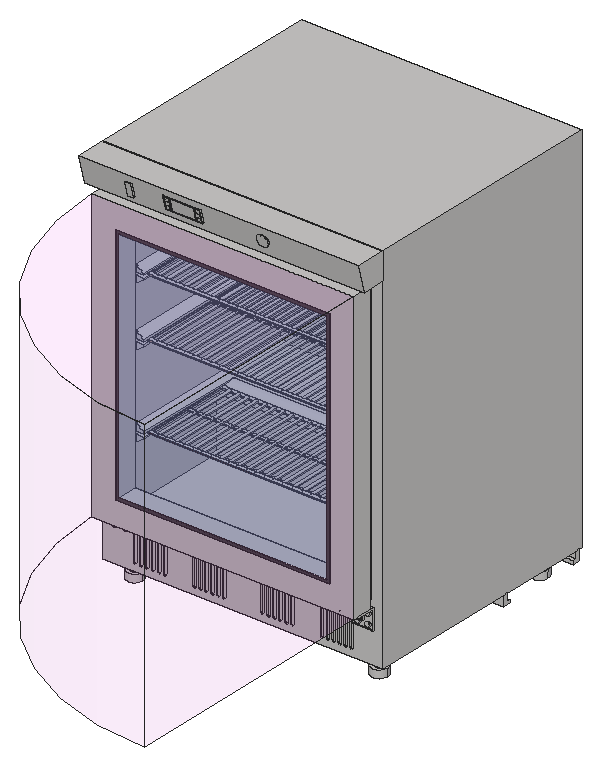
Revit family "QF_Kelvinator_738325_KCHUCGD23R", category Specialty Equipment, Revit 2021
Family settings
  Round Connector Dimension = Use Diameter
  Part Type = Normal
  Work Plane-Based = No
  Always vertical = Yes
  Cut with Voids When Loaded = No
  Shared = No
  Room Calculation Point = No
Parameters
  Weight in Pounds = 105.822
  Weight = 48.00 lbm
  Watts = 0 W
  Volts = 115 V
  URL Manufacturer = "KELVINATOR"
  URL Cutsheet = ""
  URL = "KELVINATOR"
  Specification by User = ""
  Specification by Manufacturer = ""
  Serial Number = ""
  Seismic Rating = ""
  SMACNA No = ""
  Revision Code = ""
  Refrigerant Type = "R600a"
  Phase = 1
  Number of Poles = 1
  NAFEM Spec ID Number = ""
  Model = "KCHUCGD23R"
  Min Ckt Ampacity = 0 A
  Max Overcurrent Protection = 0 A
  Masterspec = ""
  Manufacturer = "Kelvinator"
  Length Actual = 600"
  Length = 23 5/8"
  Item Number = "738325"
  Installed By = ""
  Identify Quantity as Lot = yes
  Height Actual = 839"
  Height = 33 1/16"
  HP = "0.3 HP"
  Gas KW = 0
  Furnished By = ""
  Foodservice Equipment Identifier = yes
  FL Amps = 2 A
  Electrical Remarks = ""
  Electric Connection Type = ""
  Elec Conn RI Height = 0"
  Elec Conn Connection Height = 0"
  Description = "1-GLASS DOOR ADA HEIGHT UNDER COUNTER REFRIGERATOR 24\" LONG"
  Depth Actual = 595"
  Depth = 23 7/16"
  Default Elevation = 0"
  Cycle = 60 Hz
  Conn Plug = "5-15P"
  Conn Conduit = yes
  CSI MasterFormat = ""
  Apparent Power = 0 VA
  Accessory = no
Reference planes (in)
  plane 1 "BACK": y = 0
  plane 2: z = 0
  plane 3 "LEFT": x = 0
  plane 4 "RIGHT": x = 23.625
  plane 5 "FRONT": y = -23.4375
  plane 6 "TOP": z = 33.0625
  plane 7 "Center Y": x = 11.8125
  plane 8 "Center X": y = -11.71875
Dimensions and locks (in)
  equal spacing: plane 3 "LEFT", plane 7 "Center Y", plane 4 "RIGHT"
  "Length": plane 3 "LEFT" to plane 4 "RIGHT"
  equal spacing: plane 5 "FRONT", plane 8 "Center X", plane 1 "BACK"
  "Depth": plane 5 "FRONT" to plane 1 "BACK"
  "Height": plane 6 "TOP" to level
  aligned and locked: level to plane 2
Nested families (in)
  nested 1: "KCHRI25R1DRE" at (0, 0, 0), type "KCHRI25R1DRE"
    with Show Clearance yes
Connectors (in)
  electrical at (11.8125, 0.13, 2.5), driven by "Volts", driven by "Watts"
    settings: on nested 1, index 1, voltage 115 V, apparent load 0 VA, apparent load phase1 0 VA, apparent load phase2 0 VA, apparent load phase3 0 VA, power factor 1, load classification "Other", number of poles 1, system type 30, power factor state 1, is connector primary yes, connector utility no, sub classification motor no, connector description ""
Definition of nested family "KCHRI25R1DRE"
  Parameters (values of type "KCHRI25R1DRE")
    Weight in Pounds = 0
    URL Cutsheet = ""
    Specification by User = ""
    Specification by Manufacturer = ""
    Show Clearance [instance] = yes
    Serial Number = ""
    Seismic Rating = ""
    SMACNA No = ""
    Revision Code = ""
    NAFEM Spec ID Number = ""
    Masterspec = ""
    Length = 23 5/8"
    Item Number = ""
    Installed By = ""
    Identify Quantity as Lot = yes
    Height = 33 1/16"
    Furnished By = ""
    Foodservice Equipment Identifier = yes
    Depth = 23 7/16"
    Default Elevation = 0"
    CSI MasterFormat = ""
  Reference planes (in)
    plane 1 "BACK": y = 0
    plane 2: z = 0
    plane 3 "LEFT": x = 0
    plane 4 "RIGHT": x = 23.625
    plane 5 "FRONT": y = -23.4375
    plane 6 "TOP": z = 33.0625
    plane 7 "Center Y": x = 11.8125
    plane 8 "Center X": y = -11.71875
    plane 9: y = -45.07
    plane 10: z = 30.79125
    plane 11: z = 2
    plane 12: y = -20.9
    plane 13: through (0, -24.0379, 35.3373) normal (0, 0.9659, 0.2588)
  Forms (in)
    Extrusion 1, solid
      sketch origin (0, 0, 0) x (0, 1, 0) y (0, 0, 1)
        loop
          line (-20.9, 33.0625) -> (-20.9, 1.5) -> (0, 1.5) -> (0, 33.0625) -> (-20.9, 33.0625)
      from 0 to 23.625
    Extrusion 2, solid
      sketch origin (0, -24.06217, 35.42785) x (0, -0.258819, 0.965926) y (1, 0, 0)
        loop
          line (-3.01321, 6.99749) -> (-3.01321, 10.1471) -> (-4.19431, 10.1471) -> (-4.19431, 6.99749) -> (-3.01321, 6.99749)
        loop
          line (-3.08986, 7.07623) -> (-3.08986, 7.46993) -> (-3.409, 7.46993) -> (-3.409, 7.07623) -> (-3.08986, 7.07623)
        loop
          line (-3.44419, 7.07623) -> (-3.44419, 7.46993) -> (-3.76333, 7.46993) -> (-3.76333, 7.07623) -> (-3.44419, 7.07623)
        loop
          line (-3.79852, 7.07623) -> (-3.79852, 7.46993) -> (-4.11766, 7.46993) -> (-4.11766, 7.07623) -> (-3.79852, 7.07623)
        loop
          line (-3.08986, 10.06836) -> (-3.409, 10.06836) -> (-3.409, 9.67466) -> (-3.08986, 9.67466) -> (-3.08986, 10.06836)
        loop
          line (-3.44419, 10.06836) -> (-3.76333, 10.06836) -> (-3.76333, 9.67466) -> (-3.44419, 9.67466) -> (-3.44419, 10.06836)
        loop
          line (-3.79852, 10.06836) -> (-4.11766, 10.06836) -> (-4.11766, 9.67466) -> (-3.79852, 9.67466) -> (-3.79852, 10.06836)
        loop
          line (-3.08986, 7.54742) -> (-3.08986, 9.59717) -> (-4.11377, 9.59717) -> (-4.11377, 7.54742) -> (-3.08986, 7.54742)
      from -0.06427 to -0.01269
    Extrusion 3, solid
      sketch origin (0, -24.06217, 35.42785) x (0, -0.258819, 0.965926) y (1, 0, 0)
        loop
          line (-3.08986, 9.67466) -> (-3.08986, 10.06836) -> (-3.409, 10.06836) -> (-3.409, 9.67466) -> (-3.08986, 9.67466)
        loop
          line (-3.44419, 9.67466) -> (-3.44419, 10.06836) -> (-3.76333, 10.06836) -> (-3.76333, 9.67466) -> (-3.44419, 9.67466)
        loop
          line (-3.79852, 9.67466) -> (-3.79852, 10.06836) -> (-4.11766, 10.06836) -> (-4.11766, 9.67466) -> (-3.79852, 9.67466)
        loop
          line (-3.08986, 7.46993) -> (-3.409, 7.46993) -> (-3.409, 7.07623) -> (-3.08986, 7.07623) -> (-3.08986, 7.46993)
        loop
          line (-3.44419, 7.46993) -> (-3.76333, 7.46993) -> (-3.76333, 7.07623) -> (-3.44419, 7.07623) -> (-3.44419, 7.46993)
        loop
          line (-3.79852, 7.46993) -> (-4.11766, 7.46993) -> (-4.11766, 7.07623) -> (-3.79852, 7.07623) -> (-3.79852, 7.46993)
      from -0.01269 to -0.07874
    Extrusion 4, solid
      sketch origin (0, -24.06217, 35.42785) x (0, -0.258819, 0.965926) y (1, 0, 0)
        loop
          line (-3.08986, 7.54742) -> (-3.08986, 9.59717) -> (-4.11377, 9.59717) -> (-4.11377, 7.54742) -> (-3.08986, 7.54742)
      from 0 to -0.07874
    Extrusion 5, solid
      sketch origin (0, 0, -4.4425) x (0, 1, 0) y (0, 0, 1)
        loop
          line (-20.9, 37.505) -> (-23.4375, 37.505) -> (-22.83729, 35.23375) -> (-20.9, 35.23375) -> (-20.9, 37.505)
      from 0 to 23.625
    Extrusion 6, solid
      sketch origin (0, -23.71034, 34.1148) x (0, -0.258819, 0.965926) y (1, 0, 0)
        loop
          line (-1.71796, 3.80686) -> (-1.71796, 4.30686) -> (-2.96796, 4.30686) -> (-2.96796, 3.80686) -> (-1.71796, 3.80686)
        loop
          circle (-2.26997, 15.28125) r 0.5
      from -0.07874 to -0.01269
    Extrusion 7, void
      sketch origin (0, -20.9, 1.75) x (0, 0, -1) y (-1, 0, 0)
        loop
          line (-0.5, -2.59375) -> (-3.3125, -2.59375)
          arc (-3.3125, -2.59375) -> (-3.47585, -2.7571) -> (-3.3125, -2.92044) r 0.16335
          line (-3.3125, -2.92044) -> (-0.5, -2.92044)
          arc (-0.5, -2.92044) -> (-0.33665, -2.7571) -> (-0.5, -2.59375) r 0.16335
        loop
          line (-0.5, -3.09375) -> (-3.3125, -3.09375)
          arc (-3.3125, -3.09375) -> (-3.47585, -3.2571) -> (-3.3125, -3.42044) r 0.16335
          line (-3.3125, -3.42044) -> (-0.5, -3.42044)
          arc (-0.5, -3.42044) -> (-0.33665, -3.2571) -> (-0.5, -3.09375) r 0.16335
        loop
          line (-0.5, -3.59375) -> (-3.3125, -3.59375)
          arc (-3.3125, -3.59375) -> (-3.47585, -3.7571) -> (-3.3125, -3.92044) r 0.16335
          line (-3.3125, -3.92044) -> (-0.5, -3.92044)
          arc (-0.5, -3.92044) -> (-0.33665, -3.7571) -> (-0.5, -3.59375) r 0.16335
        loop
          line (-0.5, -4.09375) -> (-3.3125, -4.09375)
          arc (-3.3125, -4.09375) -> (-3.47585, -4.2571) -> (-3.3125, -4.42044) r 0.16335
          line (-3.3125, -4.42044) -> (-0.5, -4.42044)
          arc (-0.5, -4.42044) -> (-0.33665, -4.2571) -> (-0.5, -4.09375) r 0.16335
        loop
          line (-0.5, -4.59375) -> (-3.3125, -4.59375)
          arc (-3.3125, -4.59375) -> (-3.47585, -4.7571) -> (-3.3125, -4.92044) r 0.16335
          line (-3.3125, -4.92044) -> (-0.5, -4.92044)
          arc (-0.5, -4.92044) -> (-0.33665, -4.7571) -> (-0.5, -4.59375) r 0.16335
        loop
          line (-0.5, -5.09375) -> (-3.3125, -5.09375)
          arc (-3.3125, -5.09375) -> (-3.47585, -5.2571) -> (-3.3125, -5.42044) r 0.16335
          line (-3.3125, -5.42044) -> (-0.5, -5.42044)
          arc (-0.5, -5.42044) -> (-0.33665, -5.2571) -> (-0.5, -5.09375) r 0.16335
        loop
          line (-0.5, -7.59375) -> (-3.3125, -7.59375)
          arc (-3.3125, -7.59375) -> (-3.47585, -7.7571) -> (-3.3125, -7.92044) r 0.16335
          line (-3.3125, -7.92044) -> (-0.5, -7.92044)
          arc (-0.5, -7.92044) -> (-0.33665, -7.7571) -> (-0.5, -7.59375) r 0.16335
        loop
          line (-0.5, -8.09375) -> (-3.3125, -8.09375)
          arc (-3.3125, -8.09375) -> (-3.47585, -8.2571) -> (-3.3125, -8.42044) r 0.16335
          line (-3.3125, -8.42044) -> (-0.5, -8.42044)
          arc (-0.5, -8.42044) -> (-0.33665, -8.2571) -> (-0.5, -8.09375) r 0.16335
        loop
          line (-0.5, -8.59375) -> (-3.3125, -8.59375)
          arc (-3.3125, -8.59375) -> (-3.47585, -8.7571) -> (-3.3125, -8.92044) r 0.16335
          line (-3.3125, -8.92044) -> (-0.5, -8.92044)
          arc (-0.5, -8.92044) -> (-0.33665, -8.7571) -> (-0.5, -8.59375) r 0.16335
        loop
          line (-0.5, -9.09375) -> (-3.3125, -9.09375)
          arc (-3.3125, -9.09375) -> (-3.47585, -9.2571) -> (-3.3125, -9.42044) r 0.16335
          line (-3.3125, -9.42044) -> (-0.5, -9.42044)
          arc (-0.5, -9.42044) -> (-0.33665, -9.2571) -> (-0.5, -9.09375) r 0.16335
        loop
          line (-0.5, -9.59375) -> (-3.3125, -9.59375)
          arc (-3.3125, -9.59375) -> (-3.47585, -9.7571) -> (-3.3125, -9.92044) r 0.16335
          line (-3.3125, -9.92044) -> (-0.5, -9.92044)
          arc (-0.5, -9.92044) -> (-0.33665, -9.7571) -> (-0.5, -9.59375) r 0.16335
        loop
          line (-0.5, -10.09375) -> (-3.3125, -10.09375)
          arc (-3.3125, -10.09375) -> (-3.47585, -10.2571) -> (-3.3125, -10.42044) r 0.16335
          line (-3.3125, -10.42044) -> (-0.5, -10.42044)
          arc (-0.5, -10.42044) -> (-0.33665, -10.2571) -> (-0.5, -10.09375) r 0.16335
        loop
          arc (-0.5, -21.15625) -> (-0.33665, -20.9929) -> (-0.5, -20.82956) r 0.16335
          line (-0.5, -20.82956) -> (-3.3125, -20.82956)
          arc (-3.3125, -20.82956) -> (-3.47585, -20.9929) -> (-3.3125, -21.15625) r 0.16335
          line (-3.3125, -21.15625) -> (-0.5, -21.15625)
        loop
          arc (-0.5, -20.65625) -> (-0.33665, -20.4929) -> (-0.5, -20.32956) r 0.16335
          line (-0.5, -20.32956) -> (-3.3125, -20.32956)
          arc (-3.3125, -20.32956) -> (-3.47585, -20.4929) -> (-3.3125, -20.65625) r 0.16335
          line (-3.3125, -20.65625) -> (-0.5, -20.65625)
        loop
          arc (-0.5, -20.15625) -> (-0.33665, -19.9929) -> (-0.5, -19.82956) r 0.16335
          line (-0.5, -19.82956) -> (-3.3125, -19.82956)
          arc (-3.3125, -19.82956) -> (-3.47585, -19.9929) -> (-3.3125, -20.15625) r 0.16335
          line (-3.3125, -20.15625) -> (-0.5, -20.15625)
        loop
          arc (-0.5, -19.65625) -> (-0.33665, -19.4929) -> (-0.5, -19.32956) r 0.16335
          line (-0.5, -19.32956) -> (-3.3125, -19.32956)
          arc (-3.3125, -19.32956) -> (-3.47585, -19.4929) -> (-3.3125, -19.65625) r 0.16335
          line (-3.3125, -19.65625) -> (-0.5, -19.65625)
        loop
          arc (-0.5, -19.15625) -> (-0.33665, -18.9929) -> (-0.5, -18.82956) r 0.16335
          line (-0.5, -18.82956) -> (-3.3125, -18.82956)
          arc (-3.3125, -18.82956) -> (-3.47585, -18.9929) -> (-3.3125, -19.15625) r 0.16335
          line (-3.3125, -19.15625) -> (-0.5, -19.15625)
        loop
          arc (-0.5, -18.65625) -> (-0.33665, -18.4929) -> (-0.5, -18.32956) r 0.16335
          line (-0.5, -18.32956) -> (-3.3125, -18.32956)
          arc (-3.3125, -18.32956) -> (-3.47585, -18.4929) -> (-3.3125, -18.65625) r 0.16335
          line (-3.3125, -18.65625) -> (-0.5, -18.65625)
        loop
          arc (-0.5, -16.15625) -> (-0.33665, -15.9929) -> (-0.5, -15.82956) r 0.16335
          line (-0.5, -15.82956) -> (-3.3125, -15.82956)
          arc (-3.3125, -15.82956) -> (-3.47585, -15.9929) -> (-3.3125, -16.15625) r 0.16335
          line (-3.3125, -16.15625) -> (-0.5, -16.15625)
        loop
          arc (-0.5, -15.65625) -> (-0.33665, -15.4929) -> (-0.5, -15.32956) r 0.16335
          line (-0.5, -15.32956) -> (-3.3125, -15.32956)
          arc (-3.3125, -15.32956) -> (-3.47585, -15.4929) -> (-3.3125, -15.65625) r 0.16335
          line (-3.3125, -15.65625) -> (-0.5, -15.65625)
        loop
          arc (-0.5, -15.15625) -> (-0.33665, -14.9929) -> (-0.5, -14.82956) r 0.16335
          line (-0.5, -14.82956) -> (-3.3125, -14.82956)
          arc (-3.3125, -14.82956) -> (-3.47585, -14.9929) -> (-3.3125, -15.15625) r 0.16335
          line (-3.3125, -15.15625) -> (-0.5, -15.15625)
        loop
          arc (-0.5, -14.65625) -> (-0.33665, -14.4929) -> (-0.5, -14.32956) r 0.16335
          line (-0.5, -14.32956) -> (-3.3125, -14.32956)
          arc (-3.3125, -14.32956) -> (-3.47585, -14.4929) -> (-3.3125, -14.65625) r 0.16335
          line (-3.3125, -14.65625) -> (-0.5, -14.65625)
        loop
          arc (-0.5, -14.15625) -> (-0.33665, -13.9929) -> (-0.5, -13.82956) r 0.16335
          line (-0.5, -13.82956) -> (-3.3125, -13.82956)
          arc (-3.3125, -13.82956) -> (-3.47585, -13.9929) -> (-3.3125, -14.15625) r 0.16335
          line (-3.3125, -14.15625) -> (-0.5, -14.15625)
        loop
          arc (-0.5, -13.65625) -> (-0.33665, -13.4929) -> (-0.5, -13.32956) r 0.16335
          line (-0.5, -13.32956) -> (-3.3125, -13.32956)
          arc (-3.3125, -13.32956) -> (-3.47585, -13.4929) -> (-3.3125, -13.65625) r 0.16335
          line (-3.3125, -13.65625) -> (-0.5, -13.65625)
      from 0 to 0.03
    Extrusion 8, solid
      sketch origin (0, 0, 0) x (0, 1, 0) y (0, 0, 1)
        loop
          line (-0.25, 1.5) -> (-0.55, 1.5) -> (-0.55, 0.9) -> (-0.85, 0.9) -> (-0.85, 0.6) -> (-0.25, 0.6) -> (-0.25, 1.5)
        loop
          line (-8.15042, 1.5) -> (-8.15042, 0.6) -> (-7.55042, 0.6) -> (-7.55042, 0.9) -> (-7.85042, 0.9) -> (-7.85042, 1.5) -> (-8.15042, 1.5)
      from 0 to 23.625
    Extrusion 9, solid
      sketch origin (11.8125, 6.90541, 48.75) x (0, 1, 0) y (0, 0, 1)
        loop
          line (-28.19541, -18.9375) -> (-28.19541, -42.37723) -> (-27.80541, -42.37723) -> (-27.80541, -18.9375) -> (-28.19541, -18.9375)
      from -10.75 to 10.75
    Extrusion 10, solid
      sketch origin (23.13125, -180, 5.74631) x (0, 0, 1) y (0, -1, 0)
        loop
          arc (0.13369, -157.43003) -> (0.06869, -157.36503) -> (0.00369, -157.43003) r 0.065
          line (0.00369, -157.43003) -> (0.00369, -158.97) -> (-1.53049, -158.97)
          arc (-1.53049, -158.97) -> (-1.59549, -159.035) -> (-1.53049, -159.1) r 0.065
          line (-1.53049, -159.1) -> (0.13369, -159.1) -> (0.13369, -157.43003)
      from -0.28875 to -1.93696
    Extrusion 11, solid
      sketch origin (23.13125, -21.03, 5.88) x (0, 0, -1) y (1, 0, 0)
        loop
          circle (0.48805, -0.65854) r 0.19641
        loop
          circle (0.48805, -1.51195) r 0.2
        loop
          circle (1.33739, -0.65854) r 0.2
        loop
          circle (1.33739, -1.51195) r 0.2
        loop
          line (1.13, -1.16094) -> (1.13, -1.06477) -> (0.13, -1.06477) -> (0.13, -1.16094) -> (1.13, -1.16094)
      from 0 to 0.0825
    Extrusion 12, solid
      sketch origin (0, -20.9, 2.25) x (0, 0, 1) y (-1, 0, 0)
        loop
          circle (3.14195, -1.05854) r 0.19641
        loop
          circle (3.14195, -1.91195) r 0.2
        loop
          circle (2.29261, -1.05854) r 0.2
        loop
          circle (2.29261, -1.91195) r 0.2
      from 0 to 0.0825
    Revolve 13, solid
      sketch origin (0, -19.42, 1.5) x (0, 0, 1) y (1, 0, 0)
        loop
          line (0, 22.125) -> (0, 22.4375) -> (-0.9, 22.4375) -> (-0.9, 22.8125) -> (-1.5, 22.8125) -> (-1.5, 22.125) -> (0, 22.125)
        axis (-1.5, 22.125) -> (0, 22.125)
      angle from 0 to 360
    Revolve 14, solid
      sketch origin (23.625, -19.42, 1.5) x (0, 0, 1) y (1, 0, 0)
        loop
          line (0, -22.125) -> (-1.5, -22.125) -> (-1.5, -22.8125) -> (-0.9, -22.8125) -> (-0.9, -22.4375) -> (0, -22.4375) -> (0, -22.125)
        axis (-1.5, -22.125) -> (0, -22.125)
      angle from 0 to 360
    Revolve 15, solid
      sketch origin (0, -2.5, 1.5) x (0, 0, 1) y (-1, 0, 0)
        loop
          line (0, -22.125) -> (-1.5, -22.125) -> (-1.5, -22.8125) -> (-0.9, -22.8125) -> (-0.9, -22.4375) -> (0, -22.4375) -> (0, -22.125)
        axis (-1.5, -22.125) -> (0, -22.125)
      angle from 0 to 360
    Revolve 16, solid
      sketch origin (23.625, -2.5, 1.5) x (0, 0, 1) y (-1, 0, 0)
        loop
          line (0, 22.125) -> (0, 22.4375) -> (-0.9, 22.4375) -> (-0.9, 22.8125) -> (-1.5, 22.8125) -> (-1.5, 22.125) -> (0, 22.125)
        axis (-1.5, 22.125) -> (0, 22.125)
      angle from 0 to 360
    Extrusion 17, void
      sketch origin (11.8125, -14.38459, 53.88) x (0, 1, 0) y (0, 0, 1)
        loop
          line (-6.90541, -23.08875) -> (-6.90541, -47.71375) -> (2.66584, -47.71375) -> (2.66584, -43.12311)
          arc (2.66584, -43.12311) -> (2.95874, -42.416) -> (3.66584, -42.12311) r 1
          line (3.66584, -42.12311) -> (9.42209, -42.12311) -> (9.42209, -23.08875) -> (-6.90541, -23.08875)
      from -9.66 to 9.66
    Extrusion 18, solid
      sketch origin (2.1525, -14.38459, 53.88) x (0, 1, 0) y (0, 0, 1)
        loop
          line (-6.51541, -23.08875) -> (-6.51541, -24.33875) -> (-6.26541, -24.33875) -> (-6.26541, -23.08875) -> (-6.51541, -23.08875)
        loop
          line (-6.51541, -47.71375) -> (-6.26541, -47.71375) -> (-6.26541, -46.46375) -> (-6.51541, -46.46375) -> (-6.51541, -47.71375)
      from 0 to 19.32
    Extrusion 19, solid
      sketch origin (11.8125, -4.9625, 30.79125) x (0, 0, -1) y (1, 0, 0)
        loop
          line (7.41428, -8.95343) -> (7.41428, -9.66) -> (8.02056, -9.66) -> (7.54397, -8.95343) -> (7.41428, -8.95343)
        loop
          line (7.1582, -8.95343) -> (7.02851, -8.95343) -> (6.55192, -9.66) -> (7.1582, -9.66) -> (7.1582, -8.95343)
        loop
          line (12.41428, -8.95343) -> (12.41428, -9.66) -> (13.02056, -9.66) -> (12.54397, -8.95343) -> (12.41428, -8.95343)
        loop
          line (12.1582, -8.95343) -> (12.02851, -8.95343) -> (11.55192, -9.66) -> (12.1582, -9.66) -> (12.1582, -8.95343)
        loop
          line (19.41428, -8.95343) -> (19.41428, -9.66) -> (20.02056, -9.66) -> (19.54397, -8.95343) -> (19.41428, -8.95343)
        loop
          line (19.1582, -8.95343) -> (19.02851, -8.95343) -> (18.55192, -9.66) -> (19.1582, -9.66) -> (19.1582, -8.95343)
        loop
          line (7.41428, 8.95343) -> (7.54397, 8.95343) -> (8.02056, 9.66) -> (7.41428, 9.66) -> (7.41428, 8.95343)
        loop
          line (7.1582, 8.95343) -> (7.1582, 9.66) -> (6.55192, 9.66) -> (7.02851, 8.95343) -> (7.1582, 8.95343)
        loop
          line (12.41428, 8.95343) -> (12.54397, 8.95343) -> (13.02056, 9.66) -> (12.41428, 9.66) -> (12.41428, 8.95343)
        loop
          line (12.1582, 8.95343) -> (12.1582, 9.66) -> (11.55192, 9.66) -> (12.02851, 8.95343) -> (12.1582, 8.95343)
        loop
          line (19.41428, 8.95343) -> (19.54397, 8.95343) -> (20.02056, 9.66) -> (19.41428, 9.66) -> (19.41428, 8.95343)
        loop
          line (19.1582, 8.95343) -> (19.1582, 9.66) -> (18.55192, 9.66) -> (19.02851, 8.95343) -> (19.1582, 8.95343)
      from 0 to 15.20871
    Extrusion 20, solid
      sketch origin (0, 0, 33.0625) x (0, 0, -1) y (-1, 0, 0)
        loop
          circle (30.5625, -11.8125) r 0.25
      from 0 to 0.13
  Cuts and joins
    Extrusion 7 cuts Extrusion 5
    Extrusion 7, Extrusion 17 cuts Extrusion 1
    joined: Extrusion 1, Extrusion 18, Extrusion 19
    Extrusion 17 cuts Extrusion 9
  Lines and regions (in)
    symbolic lines
      curve 1: line (0, -23.4375, 0) -> (0, 0, 0)
      curve 2: line (23.625, 0, 0) -> (0, 0, 0)
      curve 3: line (23.625, -23.4375, 0) -> (23.625, 0, 0)
      curve 4: line (23.625, -20.9, 0) -> (0, -20.9, 0)
      curve 5: line (0, -23.4375, 0) -> (23.625, -23.4375, 0)
      curve 6: line (3.80686, -23.4975, 0) -> (4.30686, -23.4975, 0)
      curve 7: line (4.30686, -23.4975, 0) -> (4.30686, -23.4375, 0)
      curve 8: line (3.80686, -23.4975, 0) -> (3.80686, -23.4375, 0)
      curve 9: line (6.65374, -23.48352, 0) -> (9.80335, -23.48352, 0)
      curve 10: line (9.80335, -23.48352, 0) -> (9.80335, -23.4375, 0)
      curve 11: line (6.65374, -23.48352, 0) -> (6.65374, -23.4375, 0)
      curve 12: line (11.3125, -23.4975, 0) -> (12.3125, -23.4975, 0)
      curve 13: line (12.3125, -23.4975, 0) -> (12.3125, -23.4375, 0)
      curve 14: line (11.3125, -23.4975, 0) -> (11.3125, -23.4375, 0)
  Dimensions and locks (in)
    equal spacing: plane 3 "LEFT", plane 7 "Center Y", plane 4 "RIGHT"
    "Length": plane 3 "LEFT" to plane 4 "RIGHT"
    equal spacing: plane 5 "FRONT", plane 8 "Center X", plane 1 "BACK"
    "Depth": plane 5 "FRONT" to plane 1 "BACK"
    "Height": plane 6 "TOP" to level
    plane 9 to plane 1 "BACK" = 45.07"
    plane 6 "TOP" to level = 33 1/16"
    plane 3 "LEFT" to plane 4 "RIGHT" = 23 5/8"
    plane 5 "FRONT" to plane 1 "BACK" = 23 7/16"
    plane 12 to plane 1 "BACK" = 20.9"
    aligned and locked: level to plane 2
    aligned and locked: Extrusion 8 to plane 4 "RIGHT"
  Automatic sketch dimensions
    Extrusion 1 sketch curve to plane 12 = 0"
    Extrusion 1 sketch curve to plane 1 "BACK" = 0"
    Extrusion 1 sketch curve to plane 6 "TOP" = 0"
    level to Extrusion 1 sketch curve = 1 1/2"
    Extrusion 2 sketch curve to plane 7 "Center Y" = 4.81501"
    Extrusion 2 sketch curve to Extrusion 2 sketch curve = 0.07665"  (x3)
    Extrusion 2 sketch curve to Extrusion 2 sketch curve = 1/256"
    Extrusion 2 sketch curve to Extrusion 2 sketch curve = 0.31914"  (x6)
    Extrusion 2 sketch curve to Extrusion 2 sketch curve = 0.03519"  (x4)
    Extrusion 2 sketch curve to Extrusion 2 sketch curve = 0"  (x7)
    Extrusion 2 sketch curve to Extrusion 2 sketch curve = 0.07874"  (x3)
    Extrusion 2 sketch curve to Extrusion 2 sketch curve = 0.3937"  (x2)
    Extrusion 2 sketch curve to Extrusion 2 sketch curve = 0.07748"  (x3)
    Extrusion 2 sketch curve to Extrusion 2 sketch curve = 2.04976"
    Extrusion 3 sketch curve to plane 7 "Center Y" = 4.73627"
    Extrusion 3 sketch curve to Extrusion 3 sketch curve = 0"  (x9)
    Extrusion 3 sketch curve to Extrusion 3 sketch curve = 0.31914"  (x6)
    Extrusion 3 sketch curve to Extrusion 3 sketch curve = 0.03519"  (x4)
    Extrusion 3 sketch curve to Extrusion 3 sketch curve = 0.3937"  (x2)
    Extrusion 3 sketch curve to plane 7 "Center Y" = 2.13784"
    Extrusion 4 sketch curve to plane 7 "Center Y" = 4.26508"
    Extrusion 4 sketch curve to Extrusion 4 sketch curve = 1.02391"
    Extrusion 4 sketch curve to Extrusion 4 sketch curve = 2.04976"
    plane 3 "LEFT" to Extrusion 6 sketch curve = 4.30686"
    plane 7 "Center Y" to Extrusion 6 sketch curve = 3 15/32"
    Extrusion 6 sketch curve to Extrusion 6 sketch curve = 0.69799"
    Extrusion 6 sketch curve to Extrusion 6 sketch curve = 1 1/4"
    Extrusion 6 sketch curve to Extrusion 6 sketch curve = 1/2"
    plane 3 "LEFT" to Extrusion 7 sketch curve = 2 19/32"
    level to Extrusion 7 sketch curve = 5 1/16"  (x2)
    plane 7 "Center Y" to Extrusion 7 sketch curve = 1.6804"
    Extrusion 7 sketch curve to Extrusion 7 sketch curve = 0"  (x42)
    Extrusion 7 sketch curve to Extrusion 7 sketch curve = 2 13/16"  (x4)
    Extrusion 7 sketch curve to Extrusion 7 sketch curve = 0.16335"  (x23)
    Extrusion 7 sketch curve to Extrusion 7 sketch curve = 0.17331"  (x20)
    Extrusion 7 sketch curve to Extrusion 7 sketch curve = 2.17331"  (x2)
    Extrusion 7 sketch curve to plane 7 "Center Y" = 1.39206"
    level to Extrusion 8 sketch curve = 1 1/2"  (x2)
    plane 8 "Center X" to Extrusion 8 sketch curve = 3.56833"
    Extrusion 8 sketch curve to Extrusion 8 sketch curve = 0.3"  (x5)
    plane 1 "BACK" to Extrusion 8 sketch curve = 0.85"
    plane 1 "BACK" to Extrusion 8 sketch curve = 1/4"
    Extrusion 8 sketch curve to Extrusion 8 sketch curve = 0.6"  (x2)
    Extrusion 9 sketch curve to plane 12 = 0"
    Extrusion 9 sketch curve to Extrusion 9 sketch curve = 0.39"
    level to Extrusion 9 sketch curve = 6.37277"
    Extrusion 9 sketch curve to plane 6 "TOP" = 3 1/4"
    Extrusion 10 sketch curve to plane 12 = 0"
    Extrusion 10 sketch curve to plane 12 = 0.13"
    level to Extrusion 10 sketch curve = 4.21581"
    Extrusion 10 sketch curve to Extrusion 10 sketch curve = 1.53419"
    Extrusion 10 sketch curve to Extrusion 10 sketch curve = 0.065"
    Extrusion 10 sketch curve to plane 5 "FRONT" = 0.86753"
    Extrusion 11 sketch curve to Extrusion 10 = 0"
    Extrusion 10 to Extrusion 11 sketch curve = 0.35805"  (x2)
    Extrusion 11 sketch curve to Extrusion 10 = 0.53419"
    Extrusion 11 sketch curve to Extrusion 10 = 0.3268"  (x2)
    Extrusion 10 to Extrusion 11 sketch curve = 0.42502"  (x2)
    Extrusion 11 sketch curve to Extrusion 11 sketch curve = 0.351"
    Extrusion 11 sketch curve to Extrusion 11 sketch curve = 0.09617"
    Extrusion 10 to Extrusion 11 sketch curve = 0.36979"  (x2)
    Extrusion 1 to Extrusion 12 sketch curve = 1.05854"
    Extrusion 12 sketch curve to Extrusion 1 = 3.04261"
    Extrusion 12 sketch curve to Extrusion 12 sketch curve = 0"  (x3)
    Extrusion 12 sketch curve to Extrusion 12 sketch curve = 0.84934"  (x2)
    Extrusion 12 sketch curve to Extrusion 12 sketch curve = 0.8534"
    Revolve 13 sketch curve to level = 0"  (x2)
    level to Revolve 13 sketch curve = 0.6"
    Revolve 13 sketch curve to Revolve 13 sketch curve = 0.9"
    plane 4 "RIGHT" to Revolve 13 sketch curve = 1 1/2"
    Revolve 13 sketch curve to Revolve 13 sketch curve = 5/16"
    Revolve 13 sketch curve to Revolve 13 sketch curve = 11/16"
    Revolve 13 sketch curve to Revolve 13 sketch curve = 0.36907"
    Revolve 13 sketch curve to Revolve 13 sketch curve = 0"
    Revolve 14 sketch curve to level = 0"  (x2)
    level to Revolve 14 sketch curve = 0.6"
    Revolve 14 sketch curve to Revolve 14 sketch curve = 0.9"
    plane 3 "LEFT" to Revolve 14 sketch curve = 13/16"
    Revolve 14 sketch curve to Revolve 14 sketch curve = 3/8"
    Revolve 14 sketch curve to Revolve 14 sketch curve = 5/16"
    Revolve 14 sketch curve to Revolve 14 sketch curve = 0.36907"
    Revolve 14 sketch curve to Revolve 14 sketch curve = 0"
    Revolve 15 sketch curve to level = 0"  (x2)
    level to Revolve 15 sketch curve = 0.6"
    Revolve 15 sketch curve to Revolve 15 sketch curve = 0.9"
    plane 4 "RIGHT" to Revolve 15 sketch curve = 13/16"
    Revolve 15 sketch curve to Revolve 15 sketch curve = 3/8"
    Revolve 15 sketch curve to Revolve 15 sketch curve = 5/16"
    Revolve 15 sketch curve to Revolve 15 sketch curve = 0.36907"
    Revolve 15 sketch curve to Revolve 15 sketch curve = 0"
    Revolve 16 sketch curve to level = 0"  (x2)
    level to Revolve 16 sketch curve = 0.6"
    Revolve 16 sketch curve to Revolve 16 sketch curve = 0.9"
    plane 3 "LEFT" to Revolve 16 sketch curve = 1 1/2"
    Revolve 16 sketch curve to Revolve 16 sketch curve = 5/16"
    Revolve 16 sketch curve to Revolve 16 sketch curve = 11/16"
    Revolve 16 sketch curve to Revolve 16 sketch curve = 0.36907"
    Revolve 16 sketch curve to Revolve 16 sketch curve = 0"
    plane 1 "BACK" to curve 1 = 0"
    curve 1 to plane 3 "LEFT" = 0"
    plane 5 "FRONT" to curve 8 = 0"
    curve 3 to plane 4 "RIGHT" = 0"
    curve 4 to plane 12 = 0"
    plane 5 "FRONT" to curve 6 = 0.06"
    plane 3 "LEFT" to curve 6 = 3.80686"
    curve 6 to curve 7 = 1/2"
    plane 5 "FRONT" to curve 9 = 0.04602"
    curve 6 to curve 9 = 2.34688"
    curve 10 to plane 7 "Center Y" = 2.00915"
    plane 5 "FRONT" to curve 14 = 0.06"
    curve 14 to plane 7 "Center Y" = 1/2"
    plane 7 "Center Y" to curve 13 = 1/2"
    Extrusion 5 sketch curve to plane 5 "FRONT" = 0"
    Extrusion 5 sketch curve to plane 10 = 0"
    Extrusion 5 sketch curve to plane 6 "TOP" = 0"
    Extrusion 5 sketch curve to plane 12 = 0"
    Extrusion 5 sketch curve to plane 5 "FRONT" = 0.60021"
    Extrusion 17 sketch curve to plane 10 = 0"
    Extrusion 17 sketch curve to plane 12 = 0.39"
    Extrusion 17 sketch curve to plane 8 "Center X" = 0"
    Extrusion 17 sketch curve to Extrusion 17 sketch curve = 1"
    plane 1 "BACK" to Extrusion 17 sketch curve = 4.9625"
    level to Extrusion 17 sketch curve = 11.75689"
    level to Extrusion 17 sketch curve = 6.16625"
    Extrusion 18 sketch curve to Extrusion 17 = 0"
    Extrusion 17 to Extrusion 18 sketch curve = 0"
    Extrusion 18 sketch curve to Extrusion 17 = 0.39"  (x2)
    Extrusion 18 sketch curve to Extrusion 18 sketch curve = 1/4"  (x2)
    Extrusion 18 sketch curve to Extrusion 18 sketch curve = 1 1/4"  (x2)
    Extrusion 19 sketch curve to Extrusion 17 = 0"  (x5)
    Extrusion 17 to Extrusion 19 sketch curve = 0"  (x7)
    Extrusion 17 to Extrusion 19 sketch curve = 6.55192"  (x2)
    Extrusion 19 sketch curve to Extrusion 19 sketch curve = 0.47659"  (x4)
    Extrusion 17 to Extrusion 19 sketch curve = 0.70657"  (x8)
    Extrusion 19 sketch curve to Extrusion 19 sketch curve = 0.60628"  (x8)
    Extrusion 19 sketch curve to Extrusion 19 sketch curve = 0.12969"  (x8)
    Extrusion 19 sketch curve to Extrusion 19 sketch curve = 0.25608"  (x6)
    Extrusion 19 sketch curve to Extrusion 19 sketch curve = 3.53137"  (x2)
    Extrusion 17 to Extrusion 19 sketch curve = 0.48243"  (x2)
    Extrusion 17 to Extrusion 19 sketch curve = 0.00585"  (x2)
    Extrusion 19 sketch curve to Extrusion 17 = 0.12385"  (x2)
    Extrusion 19 sketch curve to Extrusion 19 sketch curve = 0"  (x4)
    Extrusion 1 to Extrusion 20 sketch curve = 1"
    Extrusion 1 to Extrusion 20 sketch curve = 11 13/16"
    radius of Extrusion 6 sketch curve = 1/2"
    radius of Extrusion 11 sketch curve = 0.19641"
    radius of Extrusion 11 sketch curve = 0.2"  (x3)
    radius of Extrusion 12 sketch curve = 0.19641"
    radius of Extrusion 12 sketch curve = 0.2"  (x3)
    radius of Extrusion 20 sketch curve = 1/4"
  Nested families (in)
    nested 1: "Family4" at (0.7825, -21.29, 5.88), Show Clearance <- "Show Clearance", type "Family4"
    nested 2: "Family2" at (2.15625, -5.8, 7.5), type "Family2"
  Definition of nested family "Family4"
    Parameters (values of type "Family4")
      Weight in Pounds = 0
      URL Cutsheet = ""
      Specification by User = ""
      Specification by Manufacturer = ""
      Show Clearance [instance] = yes
      Serial Number = ""
      Seismic Rating = ""
      SMACNA No = ""
      Revision Code = ""
      NAFEM Spec ID Number = ""
      Masterspec = ""
      Length = 22.06"
      Item Number = ""
      Installed By = ""
      Identify Quantity as Lot = yes
      Height = 24 51/128"
      Furnished By = ""
      Foodservice Equipment Identifier = yes
      Depth = 1.72"
      Default Elevation = 0"
      CSI MasterFormat = ""
    Reference planes (in)
      plane 1 "BACK": y = 0
      plane 2: z = 0
      plane 3 "LEFT": x = 0
      plane 4 "RIGHT": x = 22.06
      plane 5 "FRONT": y = -1.72
      plane 6 "TOP": z = 24.39844
      plane 7 "Center Y": x = 11.03
      plane 8 "Center X": y = -0.86
      plane 9: y = -2.13
    Forms (in)
      Extrusion 1, solid
        sketch origin (0, 0, 0) x (1, 0, 0) y (0, 0, 1)
          loop
            line (0, 24.39844) -> (0, 0) -> (22.06, 0) -> (22.06, 24.39844) -> (0, 24.39844)
          loop
            line (2, 22.39844) -> (2, 2) -> (20.06, 2) -> (20.06, 22.39844) -> (2, 22.39844)
        from 0 to 1.72
      Extrusion 2, solid
        sketch origin (0, 0, 0) x (1, 0, 0) y (0, 0, 1)
          loop
            line (2, 22.39844) -> (2, 2) -> (20.06, 2) -> (20.06, 22.39844) -> (2, 22.39844)
          loop
            line (2.25, 22.14844) -> (2.25, 2.25) -> (19.81, 2.25) -> (19.81, 22.14844) -> (2.25, 22.14844)
        from 0 to 1.72
      Extrusion 3, solid
        sketch origin (0, 0, 0) x (1, 0, 0) y (0, 0, 1)
          loop
            line (2.25, 22.14844) -> (2.25, 2.25) -> (19.81, 2.25) -> (19.81, 22.14844) -> (2.25, 22.14844)
        from 0 to 1.72
      Extrusion 4, solid, visible <- "Show Clearance"
        sketch origin (0, 0, 0) x (1, 0, 0) y (0, 1, 0)
          loop
            arc (0, -1.72) -> (6.46122, -17.31878) -> (22.06, -23.78) r 22.06
            line (22.06, -23.78) -> (22.06, -1.72) -> (0, -1.72)
        from 0 to 24.39844
      Extrusion 5, void
        sketch origin (-38.39759, -180, 24.39844) x (0, -1, 0) y (-1, 0, 0)
          loop
            line (-179.54238, -38.39759) -> (-179.868, -38.72322) -> (-179.61281, -38.97841) -> (-179.14, -38.97841) -> (-178.66719, -38.97841) -> (-178.412, -38.72322) -> (-178.73762, -38.39759) -> (-179.54238, -38.39759)
        from 1.1919 to 8.33936
      Extrusion 6, solid
        sketch origin (0, 0, 0) x (0, 1, 0) y (0, 0, 1)
          loop
            line (-1.33281, 22.73373) -> (-1.33281, 16.53188) -> (-0.86, 16.05907) -> (-0.38719, 16.53188) -> (-0.38719, 22.73373) -> (-0.86, 23.20654) -> (-1.33281, 22.73373)
          loop
            line (-1.588, 23.20654) -> (-1.588, 16.05907) -> (-0.86, 15.70552) -> (-0.132, 16.05907) -> (-0.132, 23.20654) -> (-0.86, 23.56009) -> (-1.588, 23.20654)
        from -0.11833 to 0.58082
    Cuts and joins
      Extrusion 5 cuts Extrusion 1
      Extrusion 5 cuts Extrusion 6
      joined: Extrusion 1, Extrusion 6
    Lines and regions (in)
      symbolic lines, visible <- "Show Clearance"
        curve 1: arc (0.00381, -2.13, 0) -> (0.80704, -7.63229, 0) -> (2.96064, -12.75893, 0) r 22.06
        curve 2: line (21.37048, -2.13, 0) -> (2.96064, -12.75893, 0)
    Dimensions and locks (in)
      equal spacing: plane 3 "LEFT", plane 7 "Center Y", plane 4 "RIGHT"
      "Length": plane 3 "LEFT" to plane 4 "RIGHT"
      equal spacing: plane 5 "FRONT", plane 8 "Center X", plane 1 "BACK"
      "Depth": plane 5 "FRONT" to plane 1 "BACK"
      "Height": plane 6 "TOP" to level
      plane 4 "RIGHT" to plane 3 "LEFT" = 22.06"
      aligned and locked: level to plane 2
    Automatic sketch dimensions
      Extrusion 1 sketch curve to level = 0"
      Extrusion 1 sketch curve to plane 3 "LEFT" = 0"
      plane 4 "RIGHT" to Extrusion 1 sketch curve = 0"
      Extrusion 1 sketch curve to plane 6 "TOP" = 0"
      plane 3 "LEFT" to Extrusion 1 sketch curve = 2"
      plane 4 "RIGHT" to Extrusion 1 sketch curve = 2"
      Extrusion 1 sketch curve to plane 6 "TOP" = 2"
      level to Extrusion 1 sketch curve = 2"
      plane 3 "LEFT" to Extrusion 2 sketch curve = 2"
      plane 4 "RIGHT" to Extrusion 2 sketch curve = 2"
      level to Extrusion 2 sketch curve = 2"
      Extrusion 2 sketch curve to plane 6 "TOP" = 2"
      Extrusion 2 sketch curve to Extrusion 2 sketch curve = 1/4"  (x4)
      plane 3 "LEFT" to Extrusion 3 sketch curve = 2 1/4"
      plane 4 "RIGHT" to Extrusion 3 sketch curve = 2 1/4"
      level to Extrusion 3 sketch curve = 2 1/4"
      Extrusion 3 sketch curve to plane 6 "TOP" = 2 1/4"
      plane 5 "FRONT" to Extrusion 4 sketch curve = 0"
      Extrusion 4 sketch curve to plane 3 "LEFT" = 0"
      plane 4 "RIGHT" to Extrusion 4 sketch curve = 0"
      Extrusion 5 sketch curve to plane 8 "Center X" = 0"
      Extrusion 5 sketch curve to plane 3 "LEFT" = 0"
      plane 1 "BACK" to Extrusion 5 sketch curve = 0.132"
      plane 3 "LEFT" to Extrusion 5 sketch curve = 0.32562"  (x2)
      Extrusion 5 sketch curve to plane 5 "FRONT" = 0.132"
      Extrusion 5 sketch curve to plane 5 "FRONT" = 0.38719"
      Extrusion 5 sketch curve to Extrusion 5 sketch curve = 0.2552"  (x2)
      Extrusion 6 sketch curve to plane 8 "Center X" = 0"  (x4)
      Extrusion 6 sketch curve to plane 5 "FRONT" = 0.38719"
      plane 1 "BACK" to Extrusion 6 sketch curve = 0.38719"
      plane 1 "BACK" to Extrusion 6 sketch curve = 0.132"
      Extrusion 6 sketch curve to plane 6 "TOP" = 8.69292"
      Extrusion 6 sketch curve to Extrusion 6 sketch curve = 0.35355"  (x2)
      Extrusion 6 sketch curve to Extrusion 6 sketch curve = 0"  (x3)
      Extrusion 6 sketch curve to Extrusion 6 sketch curve = 0.47281"  (x3)
      Extrusion 6 sketch curve to plane 6 "TOP" = 1.66471"
      Extrusion 6 sketch curve to plane 5 "FRONT" = 0.132"
      curve 1 to plane 9 = 0"
      curve 2 to plane 9 = 0"
      curve 1 to plane 4 "RIGHT" = 0"
      plane 5 "FRONT" to curve 1 = 0"
      plane 4 "RIGHT" to curve 2 = 0.68952"
      plane 3 "LEFT" to curve 1 = 2.96064"
      plane 3 "LEFT" to curve 1 = 0.00381"
  Definition of nested family "Family2"
    Parameters (values of type "Family2")
      Weight in Pounds = 0
      URL Cutsheet = ""
      Specification by User = ""
      Specification by Manufacturer = ""
      Serial Number = ""
      Seismic Rating = ""
      SMACNA No = ""
      Revision Code = ""
      NAFEM Spec ID Number = ""
      Masterspec = ""
      Length = 19 5/16"
      Item Number = ""
      Installed By = ""
      Identify Quantity as Lot = yes
      Height = 20"
      Furnished By = ""
      Foodservice Equipment Identifier = yes
      Depth = 15"
      Default Elevation = 0"
      CSI MasterFormat = ""
    Reference planes (in)
      plane 1 "BACK": y = 0
      plane 2: z = 0
      plane 3 "LEFT": x = 0
      plane 4 "RIGHT": x = 19.3125
      plane 5 "FRONT": y = -15
      plane 6 "TOP": z = 20
      plane 7 "Center Y": x = 9.65625
      plane 8 "Center X": y = -7.5
    Forms (in)
      Sweep 1, solid
        path origin (0, -0.375, -17.5068) x (1, 0, 0) y (0, 1, 0)
          loop
            arc (0.77862, -0.125) -> (0.60184, -0.19822) -> (0.52862, -0.375) r 0.25
            line (0.52862, -0.375) -> (0.52862, -13.125)
            arc (0.52862, -13.125) -> (0.60184, -13.30178) -> (0.77862, -13.375) r 0.25
            line (0.77862, -13.375) -> (18.53388, -13.375)
            arc (18.53388, -13.375) -> (18.71066, -13.30178) -> (18.78388, -13.125) r 0.25
            line (18.78388, -13.125) -> (18.78388, -0.375)
            arc (18.78388, -0.375) -> (18.71066, -0.19822) -> (18.53388, -0.125) r 0.25
            line (18.53388, -0.125) -> (0.77862, -0.125)
        profile origin (9.65625, -0.5, -17.5068) x (0, 1, 0) y (0, 0, 1)
          loop
            circle (0, 33.51221) r 0.125
      Sweep 2, solid
        path origin (0, -0.375, -17.5068) x (1, 0, 0) y (0, 0, 1)
          loop
            line (1.40748, 33.41305) -> (1.40748, 34.5)
            arc (1.40748, 34.5) -> (1.55392, 34.85355) -> (1.90748, 35) r 0.5
            line (1.90748, 35) -> (17.40502, 35)
            arc (17.40502, 35) -> (17.75858, 34.85355) -> (17.90502, 34.5) r 0.5
            line (17.90502, 34.5) -> (17.90502, 33.41305)
        profile origin (1.90748, -0.375, 17.4932) x (0, 0, 1) y (0, -1, 0)
          loop
            circle (0, 0.125) r 0.125
      Extrusion 3, solid
        sketch origin (0, -0.375, -17.5068) x (1, 0, 0) y (0, 0, 1)
          loop
            circle (1.37228, 33.51221) r 0.11607
          loop
            circle (2.12228, 33.51221) r 0.11719
          loop
            circle (2.87228, 33.51221) r 0.11719
          loop
            circle (3.62228, 33.51221) r 0.11719
          loop
            circle (4.37228, 33.51221) r 0.11719
          loop
            circle (5.12228, 33.51221) r 0.11719
          loop
            circle (5.87228, 33.51221) r 0.11719
          loop
            circle (6.62228, 33.51221) r 0.11719
          loop
            circle (7.37228, 33.51221) r 0.11719
          loop
            circle (8.12228, 33.51221) r 0.11719
          loop
            circle (8.87228, 33.51221) r 0.11719
          loop
            circle (12.71603, 33.51221) r 0.11719
          loop
            circle (9.62228, 33.51221) r 0.11719
          loop
            circle (10.37228, 33.51221) r 0.11719
          loop
            circle (11.12228, 33.51221) r 0.11719
          loop
            circle (11.87228, 33.51221) r 0.11719
          loop
            circle (16.56522, 33.51221) r 0.11719
          loop
            circle (15.81522, 33.51221) r 0.11719
          loop
            circle (15.06522, 33.51221) r 0.11719
          loop
            circle (14.31522, 33.51221) r 0.11719
          loop
            circle (13.56522, 33.51221) r 0.11719
          loop
            circle (17.24728, 33.51221) r 0.11719
          loop
            circle (17.99728, 33.51221) r 0.11719
        from 0.11338 to 13.375
      Extrusion 4, solid
        sketch origin (0, -0.375, -17.5068) x (0, 1, 0) y (0, 0, 1)
          loop
            circle (-6.75, 33.51181) r 0.11366
        from 0.53657 to 18.64297
      Sweep 5, solid
        path origin (0, -0.375, -22.5068) x (1, 0, 0) y (0, 1, 0)
          loop
            arc (0.77862, -0.125) -> (0.60184, -0.19822) -> (0.52862, -0.375) r 0.25
            line (0.52862, -0.375) -> (0.52862, -13.125)
            arc (0.52862, -13.125) -> (0.60184, -13.30178) -> (0.77862, -13.375) r 0.25
            line (0.77862, -13.375) -> (18.53388, -13.375)
            arc (18.53388, -13.375) -> (18.71066, -13.30178) -> (18.78388, -13.125) r 0.25
            line (18.78388, -13.125) -> (18.78388, -0.375)
            arc (18.78388, -0.375) -> (18.71066, -0.19822) -> (18.53388, -0.125) r 0.25
            line (18.53388, -0.125) -> (0.77862, -0.125)
        profile origin (9.65625, -0.5, -22.5068) x (0, 1, 0) y (0, 0, 1)
          loop
            circle (0, 33.51221) r 0.125
      Extrusion 6, solid
        sketch origin (0, -0.375, -22.5068) x (1, 0, 0) y (0, 0, 1)
          loop
            circle (1.37228, 33.51221) r 0.11607
          loop
            circle (2.12228, 33.51221) r 0.11719
          loop
            circle (2.87228, 33.51221) r 0.11719
          loop
            circle (3.62228, 33.51221) r 0.11719
          loop
            circle (4.37228, 33.51221) r 0.11719
          loop
            circle (5.12228, 33.51221) r 0.11719
          loop
            circle (5.87228, 33.51221) r 0.11719
          loop
            circle (6.62228, 33.51221) r 0.11719
          loop
            circle (7.37228, 33.51221) r 0.11719
          loop
            circle (8.12228, 33.51221) r 0.11719
          loop
            circle (8.87228, 33.51221) r 0.11719
          loop
            circle (12.71603, 33.51221) r 0.11719
          loop
            circle (9.62228, 33.51221) r 0.11719
          loop
            circle (10.37228, 33.51221) r 0.11719
          loop
            circle (11.12228, 33.51221) r 0.11719
          loop
            circle (11.87228, 33.51221) r 0.11719
          loop
            circle (16.56522, 33.51221) r 0.11719
          loop
            circle (15.81522, 33.51221) r 0.11719
          loop
            circle (15.06522, 33.51221) r 0.11719
          loop
            circle (14.31522, 33.51221) r 0.11719
          loop
            circle (13.56522, 33.51221) r 0.11719
          loop
            circle (17.24728, 33.51221) r 0.11719
          loop
            circle (17.99728, 33.51221) r 0.11719
        from 0.11338 to 13.375
      Extrusion 7, solid
        sketch origin (0, -0.375, -22.5068) x (0, 1, 0) y (0, 0, 1)
          loop
            circle (-6.75, 33.51181) r 0.11366
        from 0.53657 to 18.64297
      Sweep 8, solid
        path origin (0, -0.375, -29.5068) x (1, 0, 0) y (0, 1, 0)
          loop
            arc (0.77862, -5.69912) -> (0.60184, -5.77235) -> (0.52862, -5.94912) r 0.25
            line (0.52862, -5.94912) -> (0.52862, -13.125)
            arc (0.52862, -13.125) -> (0.60184, -13.30178) -> (0.77862, -13.375) r 0.25
            line (0.77862, -13.375) -> (18.53388, -13.375)
            arc (18.53388, -13.375) -> (18.71066, -13.30178) -> (18.78388, -13.125) r 0.25
            line (18.78388, -13.125) -> (18.78388, -5.94912)
            arc (18.78388, -5.94912) -> (18.71066, -5.77235) -> (18.53388, -5.69912) r 0.25
            line (18.53388, -5.69912) -> (0.77862, -5.69912)
        profile origin (9.65625, -6.07412, -29.5068) x (0, 1, 0) y (0, 0, 1)
          loop
            circle (0, 33.51221) r 0.125
      Extrusion 9, solid
        sketch origin (0, -0.375, -29.5068) x (1, 0, 0) y (0, 0, 1)
          loop
            circle (1.37228, 33.51221) r 0.11607
          loop
            circle (2.12228, 33.51221) r 0.11719
          loop
            circle (2.87228, 33.51221) r 0.11719
          loop
            circle (3.62228, 33.51221) r 0.11719
          loop
            circle (4.37228, 33.51221) r 0.11719
          loop
            circle (5.12228, 33.51221) r 0.11719
          loop
            circle (5.87228, 33.51221) r 0.11719
          loop
            circle (6.62228, 33.51221) r 0.11719
          loop
            circle (7.37228, 33.51221) r 0.11719
          loop
            circle (8.12228, 33.51221) r 0.11719
          loop
            circle (8.87228, 33.51221) r 0.11719
          loop
            circle (12.71603, 33.51221) r 0.11719
          loop
            circle (9.62228, 33.51221) r 0.11719
          loop
            circle (10.37228, 33.51221) r 0.11719
          loop
            circle (11.12228, 33.51221) r 0.11719
          loop
            circle (11.87228, 33.51221) r 0.11719
          loop
            circle (16.56522, 33.51221) r 0.11719
          loop
            circle (15.81522, 33.51221) r 0.11719
          loop
            circle (15.06522, 33.51221) r 0.11719
          loop
            circle (14.31522, 33.51221) r 0.11719
          loop
            circle (13.56522, 33.51221) r 0.11719
          loop
            circle (17.24728, 33.51221) r 0.11719
          loop
            circle (17.99728, 33.51221) r 0.11719
        from 5.72922 to 13.375
      Extrusion 10, solid
        sketch origin (0, -3, -29.5068) x (0, 1, 0) y (0, 0, 1)
          loop
            circle (-6.75, 33.51181) r 0.11366
        from 0.53657 to 18.64297
      Sweep 11, solid
        path origin (0, -0.375, -22.5068) x (1, 0, 0) y (0, 0, 1)
          loop
            line (1.40748, 33.41305) -> (1.40748, 34.5)
            arc (1.40748, 34.5) -> (1.55392, 34.85355) -> (1.90748, 35) r 0.5
            line (1.90748, 35) -> (17.40502, 35)
            arc (17.40502, 35) -> (17.75858, 34.85355) -> (17.90502, 34.5) r 0.5
            line (17.90502, 34.5) -> (17.90502, 33.41305)
        profile origin (1.90748, -0.375, 12.4932) x (0, 0, 1) y (0, -1, 0)
          loop
            circle (0, 0.125) r 0.125
    Dimensions and locks (in)
      equal spacing: plane 3 "LEFT", plane 7 "Center Y", plane 4 "RIGHT"
      "Length": plane 3 "LEFT" to plane 4 "RIGHT"
      equal spacing: plane 5 "FRONT", plane 8 "Center X", plane 1 "BACK"
      "Depth": plane 5 "FRONT" to plane 1 "BACK"
      "Height": plane 6 "TOP" to level
      plane 5 "FRONT" to plane 1 "BACK" = 15"
      aligned and locked: level to plane 2
    Automatic sketch dimensions
      plane 3 "LEFT" to Sweep 1 sketch curve = 0.52862"
      Sweep 1 sketch curve to Sweep 1 sketch curve = 1/4"  (x3)
      plane 4 "RIGHT" to Sweep 1 sketch curve = 0.77862"  (x2)
      plane 1 "BACK" to Sweep 1 sketch curve = 1/2"
      Sweep 1 sketch curve to plane 5 "FRONT" = 1 1/2"
      Sweep 1 sketch curve to profile plane = 0"
      profile plane to Sweep 1 sketch curve = 33.51221"
      plane 3 "LEFT" to Sweep 2 sketch curve = 1.40748"
      Sweep 2 sketch curve to Sweep 2 sketch curve = 1/2"  (x2)
      plane 4 "RIGHT" to Sweep 2 sketch curve = 1.90748"
      Sweep 2 sketch curve to plane 6 "TOP" = 3.0068"
      Sweep 2 sketch curve to Sweep 2 sketch curve = 1.08695"  (x2)
      profile plane to Sweep 2 sketch curve = 0"
      profile plane to Sweep 2 sketch curve = 1/8"
      plane 3 "LEFT" to Extrusion 3 sketch curve = 1.37228"
      Extrusion 3 sketch curve to Extrusion 3 sketch curve = 3/4"  (x17)
      Extrusion 3 sketch curve to plane 7 "Center Y" = 0.03397"
      plane 7 "Center Y" to Extrusion 3 sketch curve = 0.71603"
      Extrusion 3 sketch curve to Extrusion 3 sketch curve = 27/32"
      Extrusion 3 sketch curve to Extrusion 3 sketch curve = 0.8492"
      Extrusion 3 sketch curve to Extrusion 3 sketch curve = 0.68205"
      Extrusion 3 sketch curve to plane 6 "TOP" = 3.99459"
      Extrusion 3 sketch curve to Extrusion 3 sketch curve = 0"  (x22)
      plane 8 "Center X" to Extrusion 4 sketch curve = 3/8"
      Extrusion 4 sketch curve to plane 6 "TOP" = 3.99499"
      plane 3 "LEFT" to Sweep 5 sketch curve = 0.52862"
      Sweep 5 sketch curve to Sweep 5 sketch curve = 1/4"  (x3)
      plane 4 "RIGHT" to Sweep 5 sketch curve = 0.77862"  (x2)
      plane 1 "BACK" to Sweep 5 sketch curve = 1/2"
      Sweep 5 sketch curve to plane 5 "FRONT" = 1 1/2"
      Sweep 5 sketch curve to profile plane = 0"
      profile plane to Sweep 5 sketch curve = 33.51221"
      plane 3 "LEFT" to Extrusion 6 sketch curve = 1.37228"
      Extrusion 6 sketch curve to Extrusion 6 sketch curve = 3/4"  (x17)
      Extrusion 6 sketch curve to plane 7 "Center Y" = 0.03397"
      plane 7 "Center Y" to Extrusion 6 sketch curve = 0.71603"
      Extrusion 6 sketch curve to Extrusion 6 sketch curve = 27/32"
      Extrusion 6 sketch curve to Extrusion 6 sketch curve = 0.8492"
      Extrusion 6 sketch curve to Extrusion 6 sketch curve = 0.68205"
      Extrusion 6 sketch curve to plane 6 "TOP" = 8.99459"
      Extrusion 6 sketch curve to Extrusion 6 sketch curve = 0"  (x22)
      plane 8 "Center X" to Extrusion 7 sketch curve = 3/8"
      Extrusion 7 sketch curve to plane 6 "TOP" = 8.99499"
      plane 3 "LEFT" to Sweep 8 sketch curve = 0.52862"
      Sweep 8 sketch curve to Sweep 8 sketch curve = 1/4"  (x3)
      plane 4 "RIGHT" to Sweep 8 sketch curve = 0.77862"  (x2)
      Sweep 8 sketch curve to plane 5 "FRONT" = 1 1/4"
      plane 8 "Center X" to Sweep 8 sketch curve = 1.17588"
      Sweep 8 sketch curve to profile plane = 0"
      profile plane to Sweep 8 sketch curve = 33.51221"
      plane 3 "LEFT" to Extrusion 9 sketch curve = 1.37228"
      Extrusion 9 sketch curve to Extrusion 9 sketch curve = 3/4"  (x17)
      Extrusion 9 sketch curve to plane 7 "Center Y" = 0.03397"
      plane 7 "Center Y" to Extrusion 9 sketch curve = 0.71603"
      Extrusion 9 sketch curve to Extrusion 9 sketch curve = 27/32"
      Extrusion 9 sketch curve to Extrusion 9 sketch curve = 0.8492"
      Extrusion 9 sketch curve to Extrusion 9 sketch curve = 0.68205"
      level to Extrusion 9 sketch curve = 4.00541"
      Extrusion 9 sketch curve to Extrusion 9 sketch curve = 0"  (x22)
      Extrusion 10 sketch curve to plane 8 "Center X" = 2 1/4"
      level to Extrusion 10 sketch curve = 4.00501"
      plane 3 "LEFT" to Sweep 11 sketch curve = 1.40748"
      Sweep 11 sketch curve to Sweep 11 sketch curve = 1/2"  (x2)
      plane 4 "RIGHT" to Sweep 11 sketch curve = 1.90748"
      Sweep 11 sketch curve to plane 6 "TOP" = 8.0068"
      Sweep 11 sketch curve to Sweep 11 sketch curve = 1.08695"  (x2)
      profile plane to Sweep 11 sketch curve = 0"
      profile plane to Sweep 11 sketch curve = 1/8"
      radius of Sweep 1 sketch curve = 1/8"
      radius of Sweep 2 sketch curve = 1/8"
      radius of Extrusion 3 sketch curve = 0.11607"
      radius of Extrusion 3 sketch curve = 15/128"  (x22)
      radius of Extrusion 4 sketch curve = 0.11366"
      radius of Sweep 5 sketch curve = 1/8"
      radius of Extrusion 6 sketch curve = 0.11607"
      radius of Extrusion 6 sketch curve = 15/128"  (x22)
      radius of Extrusion 7 sketch curve = 0.11366"
      radius of Sweep 8 sketch curve = 1/8"
      radius of Extrusion 9 sketch curve = 0.11607"
      radius of Extrusion 9 sketch curve = 15/128"  (x22)
      radius of Extrusion 10 sketch curve = 0.11366"
      radius of Sweep 11 sketch curve = 1/8"
